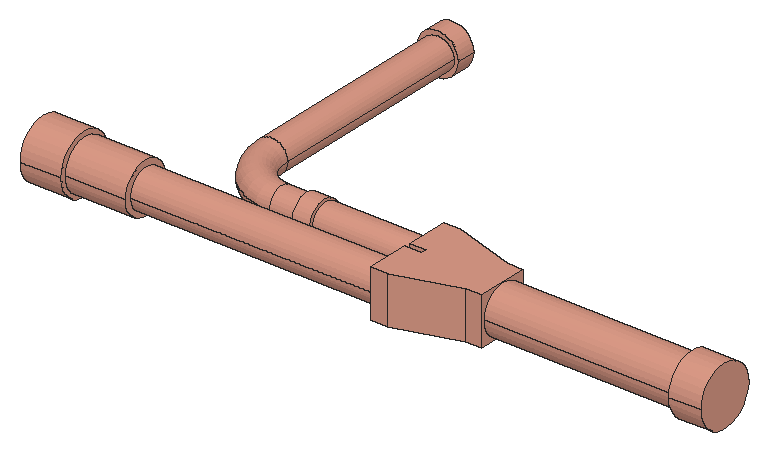
Revit family "outputfile", category 配管付属品, Revit 2024
Family settings
  丸型コネクタ寸法 = 半径を使用
  パーツ タイプ = 標準
  OmniClass 番号 = 23.65.55.00
  OmniClass タイトル = Distribution of Supplied Liquids/Gases
  作業面ベース = いいえ
  常に垂直 = はい
  ロード時にボイドで切り取り = いいえ
  共有 = いいえ
Parameters (values of type "BHFP26R168_(1)")
  Description = ""
  製造元 = "Daikin"
  書き出し IFC クラス(タイプ) = "IfcPipeFittingType"
  Default Elevation = 0.0 mm
  定義済み IFC タイプ(タイプ) = "JUNCTION"
  Cost = 0
  モデル = "BHFP26R168_(1)"
  Type Comments = ""
  Keynote = ""
  Type Image = (empty or 0)
  Assembly Code = ""
  table_PipeToCU_B [instance] = if(mm⇔inch, "Multi Module Kit_BHFP26R-_Gas_PipeToCU_B", "Multi Module Kit_BHFP26R-_Gas_PipeToCU_B_inch")  # "Multi Module Kit_BHFP26R-_Gas_PipeToCU_B"
  table_PipeToCU_A [instance] = if(mm⇔inch, "Multi Module Kit_BHFP26R-_Gas_PipeToCU_A", "Multi Module Kit_BHFP26R-_Gas_PipeToCU_A_inch")  # "Multi Module Kit_BHFP26R-_Gas_PipeToCU_A"
  table_ToMainPipe [instance] = if(mm⇔inch, "Multi Module Kit_BHFP26R-_Gas_ToMainPipe", "Multi Module Kit_BHFP26R-_Gas_ToMainPipe_inch")  # "Multi Module Kit_BHFP26R-_Gas_ToMainPipe"
  switch_PipeToCU_B Reducer [instance] = if(and(Is_PipeToCU_B Reducer = 1, judge_IsOffsetPipe_ToOutdoorUnitB = 0), 1 = 1, 1 = 0)  # no
  switch_PipeToCU_B4 [instance] = if(number_PipeToCU_B < 4, 1 = 0, 1 = 1)  # no
  switch_PipeToCU_B3 [instance] = if(number_PipeToCU_B < 3, 1 = 0, 1 = 1)  # no
  switch_PipeToCU_B2 [instance] = if(number_PipeToCU_B < 2, 1 = 0, 1 = 1)  # yes
  switch_PipeToCU_A Reducer [instance] = if(Is_PipeToCU_A Reducer = 1, 1 = 1, 1 = 0)  # yes
  switch_ToMainPipe Reducer [instance] = if(Is_ToMainPipe Reducer = 1, 1 = 1, 1 = 0)  # no
  switch_ToMainPipe2 [instance] = if(number_ToMainPipe < 2, 1 = 0, 1 = 1)  # no
  switch_Offset Reducer(4) [instance] = if(and([judge_JointType(1or2)] = 1, Is_PipeToCU_B Reducer = 1, judge_IsOffsetPipe_ToOutdoorUnitB = 1), 1 = 1, 1 = 0)  # no
  switch_Offset Reducer(3) [instance] = if(and([judge_JointType(1or2)] = 2, Is_PipeToCU_B Reducer = 1, judge_IsOffsetPipe_ToOutdoorUnitB = 1), 1 = 1, 1 = 0)  # no
  r_PipeToCU_B_ActualDiameter [instance] = PipeToCU_B_Gas_ActualDiameter / 2  # 20.65 mm
  r_PipeToCU_A_ActualDiameter [instance] = PipeToCU_A_Gas_ActualDiameter / 2  # 14.3 mm
  r_ToMainPipe_ActualDiameter [instance] = ToMainPipe_Gas_ActualDiameter / 2  # 20.65 mm
  number_PipeToCU_B ReducerPipe [instance] = size_lookup(table_PipeToCU_B, "reducerPipeNumber", 0, モデル, judge_IsOffsetPipe_ToOutdoorUnitB, PipeToCU_B_Gas_ActualDiameter)  # 0
  number_PipeToCU_B [instance] = size_lookup(table_PipeToCU_B, "pipeNumber", 2, モデル, judge_IsOffsetPipe_ToOutdoorUnitB, PipeToCU_B_Gas_ActualDiameter)  # 2
  number_PipeToCU_A ReducerPipe [instance] = size_lookup(table_PipeToCU_A, "reducerPipeNumber", 2, モデル, PipeToCU_A_Gas_ActualDiameter)  # 1
  number_ToMainPipe [instance] = size_lookup(table_ToMainPipe, "pipeNumber", 2, モデル, ToMainPipe_Gas_ActualDiameter)  # 1
  mm⇔inch [instance] = yes
  location_PipeToCU_A ReducerCenter [instance] = size_lookup(table_PipeToCU_A, "LocationCenter", 46.5 mm, モデル)  # 58.0 mm
  l_PipeToCU_A Reducer2 [instance] = size_lookup(table_PipeToCU_A, "L_ReducerPipe2", 20.0 mm, モデル)  # 2.0 mm
  l_PipeToCU_A Reducer1 [instance] = size_lookup(table_PipeToCU_A, "L_ReducerPipe1", 36.0 mm, モデル)  # 14.0 mm
  l_PipeToCU_A Reducer0 [instance] = size_lookup(table_PipeToCU_A, "L_ReducerPipe0", 100.0 mm, モデル)  # 193.0 mm
  Unit Type = "BHFP26R-_Gas"
  Uniclass2015Version = "Products v1.31"
  Uniclass2015Title = "Copper pipe fittings"
  Uniclass2015Code = "Pr_65_52_63_18"
  URL = ""
  ToMainPipe_Gas_Status [instance] = size_lookup(table_ToMainPipe, "Information", "The connected pipe size is not available.", モデル, ToMainPipe_Gas_ActualDiameter)  # "Default connector size is used."
  ToMainPipe_Gas_ActualDiameter [instance] = 41.3 mm
  Tag No. [instance] = ""
  Series = "Multi Module kit"
  PipeToCU_B_Gas_Status [instance] = size_lookup(table_PipeToCU_B, "Information", "The connected pipe size is not available.", モデル, judge_IsOffsetPipe_ToOutdoorUnitB, PipeToCU_B_Gas_ActualDiameter)  # "Default connector size is used."
  PipeToCU_B_Gas_ActualDiameter [instance] = 41.3 mm
  PipeToCU_A_Gas_Status [instance] = size_lookup(table_PipeToCU_A, "Information", "The connected pipe size is not available.", モデル, PipeToCU_A_Gas_ActualDiameter)  # "Reducer is used at connector."
  PipeToCU_A_Gas_ActualDiameter [instance] = 28.6 mm
  Material_Piping = DAIKIN_Copper_Pipe
  Material_Insulation = DAIKIN_White_Insulation
  location_PipeToCU_B connector [instance] = size_lookup(table_PipeToCU_B, "Locationconnector", 0.0 mm, モデル, judge_IsOffsetPipe_ToOutdoorUnitB, PipeToCU_B_Gas_ActualDiameter)  # 0.0 mm
  location_PipeToCU_A connector [instance] = size_lookup(table_PipeToCU_A, "Locationconnector", 120.0 mm, モデル, PipeToCU_A_Gas_ActualDiameter)  # 146.0 mm
  l_PipeToCU_B connector [instance] = size_lookup(table_PipeToCU_B, "Length", 185.0 mm, モデル, judge_IsOffsetPipe_ToOutdoorUnitB, PipeToCU_B_Gas_ActualDiameter)  # 254.0 mm
  l_PipeToCU_B Reducer [instance] = 100.0 mm  # constant formula
  l_PipeToCU_B4 [instance] = size_lookup(table_PipeToCU_B, "L_Pipe4", 2.0 mm, モデル)  # 2.0 mm
  l_PipeToCU_B3 [instance] = size_lookup(table_PipeToCU_B, "L_Pipe3", 2.0 mm, モデル)  # 2.0 mm
  l_PipeToCU_B2 [instance] = size_lookup(table_PipeToCU_B, "L_Pipe2", 25.0 mm, モデル)  # 30.0 mm
  l_PipeToCU_B1 [instance] = size_lookup(table_PipeToCU_B, "L_Pipe1", 35.0 mm, モデル)  # 45.0 mm
  l_PipeToCU_B0 [instance] = size_lookup(table_PipeToCU_B, "L_Pipe0", 125.0 mm, モデル)  # 179.0 mm
  l_PipeToCU_A connector [instance] = size_lookup(table_PipeToCU_A, "Length", 156.0 mm, モデル, PipeToCU_A_Gas_ActualDiameter)  # 207.0 mm
  l_PipeToCU_A1 [instance] = size_lookup(table_PipeToCU_A, "L_Pipe1", 14.0 mm, モデル)  # 13.0 mm
  l_PipeToCU_A0 [instance] = size_lookup(table_PipeToCU_A, "L_Pipe0", 59.5 mm, モデル)  # 75.0 mm
  l_ToMainPipe connector [instance] = size_lookup(table_ToMainPipe, "Length", 457.0 mm, モデル, ToMainPipe_Gas_ActualDiameter)  # 164.0 mm
  l_ToMainPipe Reducer [instance] = size_lookup(table_ToMainPipe, "L_Reducer", 2.0 mm, モデル, ToMainPipe_Gas_ActualDiameter)  # 2.0 mm
  l_ToMainPipe2 [instance] = size_lookup(table_ToMainPipe, "L_Pipe2", 20.0 mm, モデル)  # 2.0 mm
  l_ToMainPipe1 [instance] = size_lookup(table_ToMainPipe, "L_Pipe1", 40.0 mm, モデル)  # 24.0 mm
  l_ToMainPipe0 [instance] = size_lookup(table_ToMainPipe, "L_Pipe0", 397.0 mm, モデル)  # 140.0 mm
  judge_IsOffsetPipe_ToOutdoorUnitB [instance] = if(OffsetPipe_ToNextCU, 1, 0)  # 0
  judge_JointType(1or2) = 1
  count_PipeToCU_B Reducer [instance] = size_lookup(table_PipeToCU_B, "reducerCount", 0, モデル, judge_IsOffsetPipe_ToOutdoorUnitB, PipeToCU_B_Gas_ActualDiameter)  # 0
  count_PipeToCU_A Reducer [instance] = size_lookup(table_PipeToCU_A, "reducerCount", 1, モデル, PipeToCU_A_Gas_ActualDiameter)  # 1
  angle_PipeToCU_A Pipe [instance] = if(RotateBranchPipetoCU_A_90°, 90.00°, 0.00°)  # 0.00°
  angle_PipeToCU_A Connector [instance] = angle_PipeToCU_A Pipe + 90.00°  # 90.00°
  PipeToCU_B_Gas_AvailableDiameter [instance] = size_lookup(table_PipeToCU_B, "sizeVariation", "", モデル, judge_IsOffsetPipe_ToOutdoorUnitB)  # "34.9/41.3mm"
  PipeToCU_A_Gas_AvailableDiameter [instance] = size_lookup(table_PipeToCU_A, "sizeVariation", "", モデル)  # "28.6mm"
  ToMainPipe_Gas_AvailableDiameter [instance] = size_lookup(table_ToMainPipe, "sizeVariation", "", モデル)  # "41.3mm"
  RotateBranchPipetoCU_A_90° [instance] = no
  OffsetPipe_ToNextCU [instance] = no
  O.D_ToMainPipe Reducer [instance] = size_lookup(table_ToMainPipe, "O.D_reducer", 2.0 mm, モデル, ToMainPipe_Gas_ActualDiameter)  # 2.0 mm
  Link_Nested Family [instance] = ""
  Is_PipeToCU_B Reducer [instance] = size_lookup(table_PipeToCU_B, "IsReducer", 0, モデル, judge_IsOffsetPipe_ToOutdoorUnitB, PipeToCU_B_Gas_ActualDiameter)  # 0
  Is_PipeToCU_A Reducer [instance] = size_lookup(table_PipeToCU_A, "IsReducer", 1, モデル, PipeToCU_A_Gas_ActualDiameter)  # 1
  Is_ToMainPipe Reducer [instance] = size_lookup(table_ToMainPipe, "IsReducer", 0, モデル, ToMainPipe_Gas_ActualDiameter)  # 0
  IfcVersion = ""
  IfcExportType = "JUNCTION"
  IfcExportAs = "IfcPipeFittingType"
  Attach_Insulation [instance] = no
  I.D_PipeToCU_B4 [instance] = size_lookup(table_PipeToCU_B, "I.D_PipeSize4", 2.0 mm, モデル)  # 2.0 mm
  I.D_PipeToCU_B3 [instance] = size_lookup(table_PipeToCU_B, "I.D_PipeSize3", 2.0 mm, モデル)  # 2.0 mm
  I.D_PipeToCU_B2 [instance] = size_lookup(table_PipeToCU_B, "I.D_PipeSize2", 34.9 mm, モデル)  # 41.3 mm
  I.D_PipeToCU_B1 [instance] = size_lookup(table_PipeToCU_B, "I.D_PipeSize1", 28.6 mm, モデル)  # 34.9 mm
  I.D_PipeToCU_B0 [instance] = size_lookup(table_PipeToCU_B, "I.D_PipeSize0", 22.2 mm, モデル)  # 26.6 mm
  I.D_PipeToCU_A1 [instance] = 25.4 mm  # constant formula
  I.D_PipeToCU_A0 [instance] = 22.2 mm  # constant formula
  I.D_ToMainPipe Reducer [instance] = size_lookup(table_ToMainPipe, "I.D_reducer", 2.0 mm, モデル, ToMainPipe_Gas_ActualDiameter)  # 2.0 mm
  I.D_ToMainPipe2 [instance] = size_lookup(table_ToMainPipe, "I.D_PipeSize2", 41.3 mm, モデル)  # 2.0 mm
  I.D_ToMainPipe1 [instance] = size_lookup(table_ToMainPipe, "I.D_PipeSize1", 34.9 mm, モデル)  # 41.3 mm
  I.D_ToMainPipe0 [instance] = size_lookup(table_ToMainPipe, "I.D_PipeSize0", 27.1 mm, モデル)  # 32.9 mm
Reference planes
  plane 1 "Center (Front/Back)": y = 0
  plane 2: z = 0
  plane 3 "Center (Left/Right)": x = 225.65
  plane 4: x = 223.65
  plane 5: x = 199.65
  plane 6: x = 59.65
  plane 7: x = -10.35
  plane 8: x = -98.35
  plane 9: x = -189.35
  plane 10: x = -234.35
  plane 11: x = -264.35
  plane 12: x = -266.35
  plane 13: x = -268.35
  plane 14 "offset_center": y = 17.5
  plane 15: y = -17.491
  plane 16: x = -85.35
  plane 17: x = 101.25
  plane 18 "ToMainPipe_connector": x = 223.65
  plane 19 "connector_OutdoorunitA": x = -156.35
  plane 20 "connectorLocation_TooutdoorUnitB": y = -17.491
  plane 21 "connector_ToOutdoorUnitB": x = -264.35
Forms (mm)
  Extrusion 1, solid, material "DAIKIN_Copper_Pipe" <- "Material_Piping"
    sketch origin (0, 0, 0) x (1, 0, 0) y (0, 1, 0)
      loop
        line (-10.35, 1.998) -> (1.65, 1.998) -> (1.65, -1.998) -> (-10.35, -1.998) -> (-10.35, -33.29) -> (1.65, -33.29) -> (47.65, -19.109) -> (59.65, -19.109) -> (59.65, 18.821) -> (47.65, 18.821) -> (1.65, 33.29) -> (-10.35, 33.29) -> (-10.35, 1.998)
    from -17.5 to 17.5
Dimensions and locks
  locked: Extrusion 1 sketch curve to Extrusion 1 sketch curve at 37.93
  locked: Extrusion 1 sketch curve to Extrusion 1 sketch curve at 66.58
  plane 6 to plane 17 = 41.6 mm
  "l_PipeToCU_A0": plane 16 to plane 7
  "l_PipeToCU_A1": plane 8 to plane 16
  "l_PipeToCU_B0": plane 9 to plane 7
  "l_PipeToCU_B1": plane 10 to plane 9
  "l_PipeToCU_B2": plane 11 to plane 10
  "l_PipeToCU_B3": plane 12 to plane 11
  "l_PipeToCU_B4": plane 13 to plane 12
  locked: plane 7 to plane 6 at 70
  "l_ToMainPipe1": plane 5 to plane 4
  "l_ToMainPipe2": plane 4 to plane 3 "Center (Left/Right)"
  "l_ToMainPipe0": plane 6 to plane 5
  "l_ToMainPipe connector": plane 6 to plane 18 "ToMainPipe_connector"
  "location_PipeToCU_A connector": plane 19 "connector_OutdoorunitA" to plane 7
  "l_PipeToCU_B connector": plane 21 "connector_ToOutdoorUnitB" to plane 7
  "location_PipeToCU_B connector": plane 20 "connectorLocation_TooutdoorUnitB" to plane 15
  plane 14 "offset_center" to plane 1 "Center (Front/Back)" to plane 15 = 17.5 mm locked, 17.491 mm locked
  plane 10 to plane 7 = 224.0 mm
  aligned and locked: level to plane 2
  aligned and locked: plane 2 to nested 1
  aligned and locked: plane 1 "Center (Front/Back)" to nested 1
  aligned and locked: plane 3 "Center (Left/Right)" to nested 1
  aligned and locked: plane 4 to nested 1
  aligned and locked: plane 4 to nested 2
  aligned and locked: plane 5 to nested 2
  aligned and locked: plane 5 to nested 3
  aligned and locked: plane 6 to nested 3
  aligned and locked: plane 6 to Extrusion 1
  aligned and locked: Extrusion 1 to plane 7  (x2)
  aligned and locked: plane 7 to nested 4
  aligned and locked: plane 8 to nested 5
  aligned and locked: plane 16 to nested 5
  aligned and locked: nested 5 to plane 14 "offset_center"
  aligned and locked: nested 6 to plane 15
  aligned and locked: plane 7 to nested 6
  aligned and locked: plane 9 to nested 6
  aligned and locked: plane 10 to nested 7
  aligned and locked: plane 9 to nested 7
  aligned and locked: plane 11 to nested 8
  aligned and locked: plane 10 to nested 8
  aligned and locked: plane 12 to nested 9
  aligned and locked: plane 11 to nested 9
  aligned and locked: plane 13 to nested 10
  aligned and locked: plane 12 to nested 10
  aligned and locked: nested 10 to plane 15
  aligned and locked: nested 9 to plane 15
  aligned and locked: nested 8 to plane 15
  aligned and locked: nested 7 to plane 15
  aligned and locked: plane 1 "Center (Front/Back)" to nested 11
  aligned and locked: plane 17 to nested 11
  aligned and locked: plane 16 to nested 4
  aligned and locked: nested 12 to plane 14 "offset_center"
  aligned and locked: plane 8 to nested 12
  aligned and locked: nested 13 to plane 15
  aligned and locked: nested 14 to plane 15
  aligned and locked: plane 6 to nested 15
  aligned and locked: plane 1 "Center (Front/Back)" to nested 3
  aligned and locked: plane 14 "offset_center" to nested 16
  aligned and locked: nested 16 to plane 19 "connector_OutdoorunitA"
  aligned and locked: nested 17 to plane 20 "connectorLocation_TooutdoorUnitB"
  aligned and locked: nested 17 to plane 7
  aligned and locked: nested 13 to plane 10
  aligned and locked: nested 14 to plane 10
Automatic sketch dimensions
  Extrusion 1 sketch curve to plane 7 = 0.0 mm  (x2)
  Extrusion 1 sketch curve to plane 6 = 0.0 mm
  Extrusion 1 sketch curve to Extrusion 1 sketch curve = 12.0 mm  (x3)
  Extrusion 1 sketch curve to plane 1 "Center (Front/Back)" = 1.998 mm
  plane 14 "offset_center" to Extrusion 1 sketch curve = 1.321 mm
  Extrusion 1 sketch curve to plane 6 = 12.0 mm  (x2)
  Extrusion 1 sketch curve to plane 15 = 15.799 mm
  plane 1 "Center (Front/Back)" to Extrusion 1 sketch curve = 1.998 mm
Nested families
  nested 1: "daikin_Pipe" at (224.65, 0, 0), I.D_Pipe <- "I.D_ToMainPipe2", display <- "switch_ToMainPipe2", type "*"
    with length_Pipe 2.0 mm, display no, O.D_Pipe 4.0 mm, I.D_Pipe 2.0 mm
  nested 2: "daikin_Pipe" at (211.65, 0, 0), I.D_Pipe <- "I.D_ToMainPipe1", type "*"
    with length_Pipe 24.0 mm, display yes, O.D_Pipe 43.3 mm, I.D_Pipe 41.3 mm
  nested 3: "daikin_Pipe" at (129.65, 0, 0), I.D_Pipe <- "I.D_ToMainPipe0", type "*"
    with length_Pipe 140.0 mm, display yes, O.D_Pipe 34.9 mm, I.D_Pipe 32.9 mm
  nested 4: "daikin_Pipe" at (-47.85, 17.644, 0), I.D_Pipe <- "I.D_PipeToCU_A0", type "*"
    with length_Pipe 75.0 mm, display yes, O.D_Pipe 24.2 mm, I.D_Pipe 22.2 mm
  nested 5: "daikin_Pipe" at (-91.85, 17.5, 0), I.D_Pipe <- "I.D_PipeToCU_A1", type "*"
    with length_Pipe 13.0 mm, display yes, O.D_Pipe 27.4 mm, I.D_Pipe 25.4 mm
  nested 6: "daikin_Pipe" at (-99.85, -17.491, 0), I.D_Pipe <- "I.D_PipeToCU_B0", type "*"
    with length_Pipe 179.0 mm, display yes, O.D_Pipe 28.6 mm, I.D_Pipe 26.6 mm
  nested 7: "daikin_Pipe" at (-211.85, -17.491, 0), I.D_Pipe <- "I.D_PipeToCU_B1", type "*"
    with length_Pipe 45.0 mm, display yes, O.D_Pipe 36.9 mm, I.D_Pipe 34.9 mm
  nested 8: "daikin_Pipe" at (-249.35, -17.491, 0), I.D_Pipe <- "I.D_PipeToCU_B2", display <- "switch_PipeToCU_B2", type "*"
    with length_Pipe 30.0 mm, display yes, O.D_Pipe 43.3 mm, I.D_Pipe 41.3 mm
  nested 9: "daikin_Pipe" at (-265.35, -17.491, 0), display <- "switch_PipeToCU_B3", I.D_Pipe <- "I.D_PipeToCU_B3", visible <- "switch_PipeToCU_B3", type "*"
    with length_Pipe 2.0 mm, display no, O.D_Pipe 4.0 mm, I.D_Pipe 2.0 mm
  nested 10: "daikin_Pipe" at (-267.35, -17.491, 0), display <- "switch_PipeToCU_B4", I.D_Pipe <- "I.D_PipeToCU_B4", visible <- "switch_PipeToCU_B4", type "*"
    with length_Pipe 2.0 mm, display no, O.D_Pipe 4.0 mm, I.D_Pipe 2.0 mm
  nested 11: "daikin_MultiModeluKit_Insulation" at (101.25, 0, 0), display <- "Attach_Insulation", type "*"
    with h 54.2 mm, display no, I.D_Outlet PipeSize 22.2 mm
  nested 12: "daikin_Multi Module kit_Reducer90_rotate" at (-98.35, 17.5, 0), number_reducerPipe <- "number_PipeToCU_A ReducerPipe", angle_Pipe <- "angle_PipeToCU_A Pipe", l_Pipe0 <- "l_PipeToCU_A Reducer0", l_Pipe1 <- "l_PipeToCU_A Reducer1", l_Pipe2 <- "l_PipeToCU_A Reducer2", location_center <- "location_PipeToCU_A ReducerCenter", type "*"
    with number_reducerPipe 1, location_center 58.0 mm, l_Pipe2 2.0 mm, l_Pipe1 14.0 mm, l_Pipe0 193.0 mm, display_Pipe2 no, angle_Pipe 0.00°, I.D_connector 19.1 mm
  nested 13: "daikin_Multi Module kit_Reducer Offset1" at (-234.35, -17.491, 0), number_reducerPipe <- "number_PipeToCU_B ReducerPipe", visible <- "switch_Offset Reducer(3)", type "*"
    with number_reducerPipe 0, display_Pipe2 no
  nested 14: "daikin_Multi Module kit_Reducer Offset2" at (-234.35, -17.491, 0), number_reducerPipe <- "number_PipeToCU_B ReducerPipe", visible <- "switch_Offset Reducer(4)", I.D_connector <- "PipeToCU_B_Gas_ActualDiameter", type "*"
    with number_reducerPipe 0, display_Pipe2 no, I.D_connector 41.3 mm
  nested 15: "daikin_connector_rotate3" at (59.65, 0, 0) x (0, 1, 0) z (0, 0, 1), length <- "l_ToMainPipe connector", type "daikin_connector_rotate3"
    with radius 10.0 mm, length 164.0 mm, angle_vertical 90.00°, angle_horizontal 0.00°
  nested 16: "daikin_connector_rotate3" at (-156.35, 17.5, 0) x (-1, 0, 0) z (0, 0, 1), length <- "l_PipeToCU_A connector", angle_vertical <- "angle_PipeToCU_A Connector", type "daikin_connector_rotate3"
    with radius 10.0 mm, length 207.0 mm, angle_vertical 90.00°, angle_horizontal 0.00°
  nested 17: "daikin_connector_rotate3" at (-10.35, -17.491, 0) x (0, -1, 0) z (0, 0, 1), length <- "l_PipeToCU_B connector", type "daikin_connector_rotate3"
    with radius 10.0 mm, length 254.0 mm, angle_vertical 90.00°, angle_horizontal 0.00°
Connectors
  piping at (223.65, 0, 0), diameter 41.3, driven by "r_ToMainPipe_ActualDiameter"
    settings: on nested 15, index 1, connector inside diameter 609.6 mm, connector length 0.0 mm, flow factor 0, pipe flow 0.00 m³/h, pressure drop 0.0 Pa, fitting loss kfactor 0, connector angle 0.00°, fixture units 0, engagement length 0.0 mm, angle of deflection 0.00°, flow configuration 0, flow direction 1, fitting loss method 0, system type 29, joint type 0, gender type 0, connector reference index -1, connector utility 0, adjustable connector no, is connector primary yes, connector description "Multi Module kit_to Main Pipe_Gas"
  piping at (-156.35, 224.5, 0), diameter 28.6, driven by "r_PipeToCU_A_ActualDiameter"
    settings: on nested 16, index 2, connector inside diameter 609.6 mm, connector length 0.0 mm, flow factor 0, pipe flow 0.00 m³/h, pressure drop 0.0 Pa, fitting loss kfactor 0, connector angle 0.00°, fixture units 0, engagement length 0.0 mm, angle of deflection 0.00°, flow configuration 0, flow direction 2, fitting loss method 0, system type 29, joint type 0, gender type 0, connector reference index -1, connector utility 0, adjustable connector no, is connector primary no, connector description "Multi Module kit_Piping to CU-A_Gas"
  piping at (-264.35, -17.491, 0), diameter 41.3, driven by "r_PipeToCU_B_ActualDiameter"
    settings: on nested 17, index 3, connector inside diameter 609.6 mm, connector length 0.0 mm, flow factor 0, pipe flow 0.00 m³/h, pressure drop 0.0 Pa, fitting loss kfactor 0, connector angle 0.00°, fixture units 0, engagement length 0.0 mm, angle of deflection 0.00°, flow configuration 0, flow direction 2, fitting loss method 0, system type 29, joint type 0, gender type 0, connector reference index -1, connector utility 0, adjustable connector no, is connector primary no, connector description "Multi Module kit_Piping to CU-B_Gas"
Definition of nested family "daikin_Pipe"
  Parameters (values of type "*")
    Default Elevation = 0.0 mm
    material = none
    length_Pipe [instance] = 150.0 mm
    display [instance] = yes
    O.D_Pipe [instance] = I.D_Pipe + 2.0 mm  # 27.0 mm
    I.D_Pipe [instance] = 25.0 mm
  Reference planes
    plane 1 "Center (Front/Back)": y = 0
    plane 2 "center(vertical)": z = 0
    plane 3 "Center (Left/Right)": x = 0
    plane 4 "left": x = -75
    plane 5 "right": x = 75
  Forms (mm)
    Extrusion 1, solid, material <- "material", visible <- "display"
      sketch origin (0, 0, 0) x (0, 1, 0) y (0, 0, 1)
        loop
          circle (0, 0) r 13.5
      from -75 to 75
  Dimensions and locks
    equal spacing: plane 4 "left", plane 3 "Center (Left/Right)", plane 5 "right"
    "length_Pipe": plane 4 "left" to plane 5 "right"
    "O.D_Pipe": diameter of Extrusion 1 sketch curve
    aligned and locked: level to plane 2 "center(vertical)"
    aligned and locked: plane 2 "center(vertical)" to Extrusion 1 sketch curve
    aligned and locked: plane 1 "Center (Front/Back)" to Extrusion 1 sketch curve
    aligned and locked: plane 5 "right" to Extrusion 1
    aligned and locked: Extrusion 1 to plane 4 "left"
Definition of nested family "daikin_Multi Module kit_Reducer90_rotate"
  Parameters (values of type "*")
    Default Elevation = 0.0 mm
    number_reducerPipe [instance] = 4
    material_Pipe = none
    location_center [instance] = 46.5 mm
    l_Pipe2 [instance] = 20.0 mm
    l_Pipe1 [instance] = 36.0 mm
    l_Pipe0 [instance] = 100.0 mm
    display_Pipe2 [instance] = if(number_reducerPipe < 2, 1 = 0, 1 = 1)  # yes
    angle_Pipe [instance] = 30.00°
    I.D_connector [instance] = 34.9 mm
  Reference planes
    plane 1 "Center (Front/Back)": y = 0
    plane 2: z = 0
    plane 3 "Center (Left/Right)": x = 0
  Dimensions and locks
    "angle_Pipe": angle plane 2 to nested 1
    aligned and locked: level to plane 2
  Nested families
    nested 1: "daikin_Multi Module kit_Reducer90" at (0, 0, 0) x (1, 0, 0) z (0, -0.5, 0.866), display_Pipe2 <- "display_Pipe2", I.D_connector <- "I.D_connector", l_Pipe0 <- "l_Pipe0", l_Pipe1 <- "l_Pipe1", l_Pipe2 <- "l_Pipe2", location_center <- "location_center", type "*"
      with display_Pipe2 yes, I.D_connector 34.9 mm
  Definition of nested family "daikin_Multi Module kit_Reducer90"
    Parameters (values of type "*")
      Default Elevation = 0.0 mm
      material_Pipe = none
      location_center [instance] = 46.5 mm
      l_Pipe2 [instance] = 20.0 mm
      l_Pipe1 [instance] = 36.0 mm
      l_Pipe0 [instance] = 100.0 mm
      display_Pipe2 [instance] = yes
      O.D_Pipe2 = 34.9 mm  # constant formula
      O.D_Pipe1 = 28.6 mm + 2.0 mm  # 30.6 mm
      O.D_Pipe0 = 23.8 mm  # constant formula
      I.D_connector [instance] = 0.0 mm
    Reference planes
      plane 1 "Center (Front/Back)": y = 0
      plane 2 "center_vertical": z = 0
      plane 3 "Center (Left/Right)": x = 0
      plane 4 "center_toOutdoor": x = -46.5
      plane 5: y = 100
      plane 6: y = 136
      plane 7: y = 156
    Forms (mm)
      Sweep 1, solid, material <- "material_Pipe"
        path origin (0, 0, 0) x (1, 0, 0) y (0, 1, 0)
          loop
            line (0, 0) -> (-18.241, 0)
            arc (-18.241, 0) -> (-38.223, 8.277) -> (-46.5, 28.259) r 28.259
            line (-46.5, 28.259) -> (-46.5, 100)
        profile origin (-9.12, 0, 0) x (0, -1, 0) y (0, 0, 1)
          loop
            circle (0, 0) r 11.9
      Extrusion 2, solid, material <- "material_Pipe"
        sketch origin (0, 0, 0) x (1, 0, 0) y (0, 0, 1)
          loop
            circle (-46.5, 0) r 15.3
        from -136 to -100
      Extrusion 3, solid, material <- "material_Pipe", visible <- "display_Pipe2"
        sketch origin (75, -2.05, 0) x (1, 0, 0) y (0, 0, 1)
          loop
            circle (-121.5, 0) r 17.45
        from -158.05 to -138.05
    Lines and regions (mm)
      reference lines
        curve 1: line (0, 0, 0) -> (-46.5, 0, 0)
    Dimensions and locks
      "l_Pipe0": plane 1 "Center (Front/Back)" to plane 5
      "l_Pipe1": plane 6 to plane 5
      "l_Pipe2": plane 7 to plane 6
      "location_center": plane 4 "center_toOutdoor" to plane 3 "Center (Left/Right)"
      "O.D_Pipe2": diameter of Extrusion 3 sketch curve
      "O.D_Pipe0": diameter of Sweep 1 sketch curve
      "O.D_Pipe1": diameter of Extrusion 2 sketch curve
      aligned and locked: level to plane 2 "center_vertical"
      aligned and locked: plane 6 to Extrusion 2
      aligned and locked: Extrusion 2 to plane 5
      aligned and locked: Extrusion 3 to plane 6
      aligned and locked: Sweep 1 sketch curve to plane 1 "Center (Front/Back)"
      aligned and locked: plane 3 "Center (Left/Right)" to curve 1
      aligned and locked: curve 1 to plane 1 "Center (Front/Back)"
      aligned and locked: plane 7 to Extrusion 3
    Automatic sketch dimensions
      Sweep 1 sketch curve to plane 4 "center_toOutdoor" = 0.0 mm
      Sweep 1 sketch curve to plane 3 "Center (Left/Right)" = 0.0 mm
      Sweep 1 sketch curve to plane 5 = 0.0 mm
      Sweep 1 sketch curve to plane 3 "Center (Left/Right)" = 18.241 mm
      curve 1 to plane 4 "center_toOutdoor" = 0.0 mm
      Sweep 1 sketch curve to level = 0.0 mm
      Sweep 1 sketch curve to profile plane = 0.0 mm
      Extrusion 2 sketch curve to level = 0.0 mm
      Extrusion 2 sketch curve to plane 4 "center_toOutdoor" = 0.0 mm
      Extrusion 3 sketch curve to level = 0.0 mm
      Extrusion 3 sketch curve to plane 4 "center_toOutdoor" = 0.0 mm
Definition of nested family "daikin_Multi Module kit_Reducer Offset1"
  Parameters (values of type "*")
    Default Elevation = 0.0 mm
    number_reducerPipe [instance] = 4
    material = none
    display_Pipe2 [instance] = if(number_reducerPipe < 2, 1 = 0, 1 = 1)  # yes
    O.D_Pipe2 = 34.9 mm + 2.0 mm  # 36.9 mm
    O.D_Pipe1 = 28.6 mm + 2.0 mm  # 30.6 mm
    O.D_Pipe0 = 28.6 mm  # constant formula
  Reference planes
    plane 1 "Center (Front/Back)": y = 0
    plane 2: z = 0
    plane 3 "Center (Left/Right)": x = 0
    plane 4: y = -35
    plane 5: x = -252
    plane 6: x = -300
    plane 7: x = -310
  Forms (mm)
    Extrusion 1, solid, material <- "material"
      sketch origin (-56.734, 401.522, 0) x (0, 1, 0) y (0, 0, 1)
        loop
          circle (-436.522, 0) r 15.3
      from -243.266 to -195.266
    Sweep 2, solid, material <- "material"
      path origin (0, 0, 0) x (1, 0, 0) y (0, 1, 0)
        loop
          line (0, 0) -> (-49.684, 0)
          arc (-49.684, 0) -> (-59.87, -1.319) -> (-69.384, -5.188) r 40
          line (-69.384, -5.188) -> (-112.9, -29.812)
          arc (-112.9, -29.812) -> (-122.414, -33.681) -> (-132.6, -35) r 40
          line (-132.6, -35) -> (-252, -35)
      profile origin (-24.842, 0, 0) x (0, -1, 0) y (0, 0, 1)
        loop
          circle (0, 0) r 14.3
    Extrusion 3, solid, material <- "material", visible <- "display_Pipe2"
      sketch origin (-94.334, 366.344, 0) x (0, 1, 0) y (0, 0, 1)
        loop
          circle (-401.344, 0) r 18.45
      from -215.666 to -205.666
  Dimensions and locks
    locked: plane 4 to plane 1 "Center (Front/Back)" at 35
    locked: plane 6 to plane 5 at 48
    locked: plane 7 to plane 6 at 10
    plane 5 to plane 3 "Center (Left/Right)" = 252.0 mm
    locked: Sweep 2 sketch curve to plane 3 "Center (Left/Right)" at 49.684
    plane 7 to plane 3 "Center (Left/Right)" = 310.0 mm
    "O.D_Pipe1": diameter of Extrusion 1 sketch curve
    "O.D_Pipe0": diameter of Sweep 2 sketch curve
    "O.D_Pipe2": diameter of Extrusion 3 sketch curve
    aligned and locked: level to plane 2
    aligned and locked: plane 5 to Sweep 2 sketch curve
    aligned and locked: plane 3 "Center (Left/Right)" to Sweep 2 sketch curve
    aligned and locked: plane 2 to Sweep 2 sketch curve
    aligned and locked: plane 1 "Center (Front/Back)" to Sweep 2 sketch curve
    aligned and locked: plane 5 to Extrusion 1
    aligned and locked: Extrusion 1 to plane 6
    aligned and locked: plane 4 to Extrusion 1 sketch curve
    aligned and locked: plane 2 to Extrusion 1 sketch curve
    aligned and locked: plane 4 to Extrusion 3 sketch curve
    aligned and locked: plane 2 to Extrusion 3 sketch curve
    aligned and locked: plane 6 to Extrusion 3
    aligned and locked: Extrusion 3 to plane 7
  Automatic sketch dimensions
    Sweep 2 sketch curve to plane 4 = 0.0 mm
    plane 1 "Center (Front/Back)" to Sweep 2 sketch curve = 0.0 mm
    Sweep 2 sketch curve to plane 1 "Center (Front/Back)" = 5.0 mm
    plane 4 to Sweep 2 sketch curve = 5.188 mm
    plane 1 "Center (Front/Back)" to Sweep 2 sketch curve = 5.188 mm
    Sweep 2 sketch curve to Sweep 2 sketch curve = 43.516 mm
    Sweep 2 sketch curve to plane 4 = 5.0 mm
Definition of nested family "daikin_Multi Module kit_Reducer Offset2"
  Parameters (values of type "*")
    Default Elevation = 0.0 mm
    number_reducerPipe [instance] = 2
    material = none
    display_Pipe2 [instance] = if(number_reducerPipe < 2, 1 = 0, 1 = 1)  # yes
    O.D_Pipe2 = 41.3 mm + 2.0 mm  # 43.3 mm
    O.D_Pipe1 = 34.9 mm + 2.0 mm  # 36.9 mm
    O.D_Pipe0 = 34.9 mm  # constant formula
    I.D_connector [instance] = 0.0 mm
  Reference planes
    plane 1 "Center (Front/Back)": y = 0
    plane 2: z = 0
    plane 3 "Center (Left/Right)": x = 0
    plane 4: y = -17.5
    plane 5: x = -242
    plane 6: x = -278
    plane 7: x = -305
  Forms (mm)
    Extrusion 1, solid, material <- "material"
      sketch origin (-56.734, 401.522, 0) x (0, 1, 0) y (0, 0, 1)
        loop
          circle (-419.022, 0) r 18.45
      from -221.266 to -185.266
    Sweep 2, solid, material <- "material"
      path origin (0, 0, 0) x (1, 0, 0) y (0, 1, 0)
        loop
          line (0, 0) -> (-69.833, 0)
          arc (-69.833, 0) -> (-78.931, -0.596) -> (-87.873, -2.375) r 69.7
          line (-87.873, -2.375) -> (-136.432, -15.192)
          arc (-136.432, -15.192) -> (-145.252, -16.921) -> (-154.22, -17.5) r 69.7
          line (-154.22, -17.5) -> (-242, -17.5)
      profile origin (-34.916, 0, 0) x (0, -1, 0) y (0, 0, 1)
        loop
          circle (0, 0) r 17.45
    Extrusion 3, solid, material <- "material", visible <- "display_Pipe2"
      sketch origin (-94.334, 366.344, 0) x (0, 1, 0) y (0, 0, 1)
        loop
          circle (-383.844, 0) r 21.65
      from -210.666 to -183.666
  Dimensions and locks
    plane 4 to plane 1 "Center (Front/Back)" = 17.5 mm
    locked: plane 6 to plane 5 at 36
    locked: plane 7 to plane 6 at 27
    plane 7 to plane 3 "Center (Left/Right)" = 305.0 mm
    locked: Sweep 2 sketch curve to plane 3 "Center (Left/Right)" at 69.833
    locked: plane 5 to plane 3 "Center (Left/Right)" at 242
    Sweep 2 sketch curve to Sweep 2 sketch curve = 50.223 mm
    "O.D_Pipe1": diameter of Extrusion 1 sketch curve
    "O.D_Pipe0": diameter of Sweep 2 sketch curve
    "O.D_Pipe2": diameter of Extrusion 3 sketch curve
    angle Sweep 2 sketch curve to Sweep 2 sketch curve = 14.7857°
    locked: Sweep 2 sketch curve to Sweep 2 sketch curve (angle 15.00°)
    aligned and locked: level to plane 2
    aligned and locked: plane 5 to Sweep 2 sketch curve
    aligned and locked: plane 3 "Center (Left/Right)" to Sweep 2 sketch curve
    aligned and locked: plane 2 to Sweep 2 sketch curve
    aligned and locked: plane 1 "Center (Front/Back)" to Sweep 2 sketch curve
    aligned and locked: plane 5 to Extrusion 1
    aligned and locked: Extrusion 1 to plane 6
    aligned and locked: plane 4 to Extrusion 1 sketch curve
    aligned and locked: plane 2 to Extrusion 1 sketch curve
    aligned and locked: plane 4 to Extrusion 3 sketch curve
    aligned and locked: plane 2 to Extrusion 3 sketch curve
    aligned and locked: plane 6 to Extrusion 3
    aligned and locked: Extrusion 3 to plane 7
    aligned and locked: nested 1 to plane 6
    aligned and locked: plane 4 to nested 1
    aligned and locked: plane 2 to nested 2
    aligned and locked: plane 2 to nested 1
    aligned and locked: nested 2 to plane 6
    aligned and locked: plane 4 to nested 2
    aligned and locked: plane 4 to Sweep 2 sketch curve
  Automatic sketch dimensions
    plane 1 "Center (Front/Back)" to Sweep 2 sketch curve = 0.0 mm
    plane 1 "Center (Front/Back)" to Sweep 2 sketch curve = 2.375 mm
    plane 4 to Sweep 2 sketch curve = 2.308 mm
  Nested families
    nested 1: "daikin_Pipe_reducer" at (-312.75, -17.5, 0) x (-1, 0, 0) z (0, 0, 1), type "*"
      with length_Pipe 69.5 mm, display no, O.D_Pipe2 31.8 mm, O.D_Pipe1 36.9 mm, I.D_Pipe2 29.8 mm, I.D_Pipe1 34.9 mm
    nested 2: "daikin_Pipe_reducer" at (-302.75, -17.5, 0) x (-1, 0, 0) z (0, 0, 1), type "*"
      with length_Pipe 49.5 mm, display no, O.D_Pipe2 31.8 mm, O.D_Pipe1 43.3 mm, I.D_Pipe2 29.8 mm, I.D_Pipe1 41.3 mm
  Definition of nested family "daikin_Pipe_reducer"
    Parameters (values of type "*")
      Default Elevation = 0.0 mm
      material = none
      length_Pipe [instance] = 250.0 mm
      display [instance] = yes
      O.D_Pipe2 [instance] = 19.1 mm
      O.D_Pipe1 [instance] = I.D_Pipe1 + 2.0 mm  # 24.2 mm
      I.D_Pipe2 [instance] = O.D_Pipe2 - 2.0 mm  # 17.1 mm
      I.D_Pipe1 [instance] = 22.2 mm
    Reference planes
      plane 1 "Center (Front/Back)": y = 0
      plane 2 "center(vertical)": z = 0
      plane 3 "Center (Left/Right)": x = 0
      plane 4 "connection": x = -125
      plane 5 "right": x = 113
      plane 6: x = 125
    Forms (mm)
      Extrusion 1, solid, material <- "material", visible <- "display"
        sketch origin (0, 0, 0) x (0, 1, 0) y (0, 0, 1)
          loop
            circle (0, 0) r 9.55
        from -125 to 113
      Extrusion 2, solid, material <- "material", visible <- "display"
        sketch origin (0, 0, 0) x (0, 1, 0) y (0, 0, 1)
          loop
            circle (0, 0) r 12.1
        from 113 to 125
    Dimensions and locks
      locked: plane 5 "right" to plane 6 at 12
      "length_Pipe": plane 4 "connection" to plane 6
      equal spacing: plane 4 "connection", plane 3 "Center (Left/Right)", plane 6
      "O.D_Pipe2": diameter of Extrusion 1 sketch curve
      "O.D_Pipe1": diameter of Extrusion 2 sketch curve
      aligned and locked: level to plane 2 "center(vertical)"
      aligned and locked: plane 2 "center(vertical)" to Extrusion 1 sketch curve
      aligned and locked: plane 1 "Center (Front/Back)" to Extrusion 1 sketch curve
      aligned and locked: plane 5 "right" to Extrusion 1
      aligned and locked: Extrusion 1 to plane 4 "connection"
      aligned and locked: plane 2 "center(vertical)" to Extrusion 2 sketch curve
      aligned and locked: plane 1 "Center (Front/Back)" to Extrusion 2 sketch curve
      aligned and locked: Extrusion 2 to plane 5 "right"
      aligned and locked: plane 6 to Extrusion 2
Definition of nested family "daikin_MultiModeluKit_Insulation"
  Parameters (values of type "*")
    Default Elevation = 0.0 mm
    Model = ""
    material = none
    h [instance] = (I.D_Outlet PipeSize + 2.0 mm) + 30.0 mm  # 47.0 mm
    display [instance] = yes
    I.D_Outlet PipeSize [instance] = 15.0 mm
  Reference planes
    plane 1 "Center (Front/Back)": y = 0
    plane 2: z = 0
    plane 3 "Left": x = 0
    plane 4 "top": z = 23.5
    plane 5 "bottom": z = -23.5
  Forms (mm)
    Extrusion 1, solid, material <- "material", visible <- "display"
      sketch origin (0, 0, 0) x (1, 0, 0) y (0, 1, 0)
        loop
          line (0, -27.7) -> (0, 27.7) -> (-101.24, 40.131) -> (-170, 40.131) -> (-170, 6.369) -> (-266.24, 6.369) -> (-266.24, -40.131) -> (-101.24, -40.131) -> (0, -27.7)
      from -23.5 to 23.5
  Dimensions and locks
    equal spacing: plane 4 "top", plane 2, plane 5 "bottom"
    "h": plane 4 "top" to plane 5 "bottom"
    Extrusion 1 sketch curve to plane 3 "Left" = 101.24 mm
    aligned and locked: level to plane 2
    aligned and locked: plane 3 "Left" to Extrusion 1
    aligned and locked: Extrusion 1 to plane 5 "bottom"
    aligned and locked: plane 4 "top" to Extrusion 1
  Automatic sketch dimensions
    Extrusion 1 sketch curve to plane 3 "Left" = 0.0 mm
    plane 1 "Center (Front/Back)" to Extrusion 1 sketch curve = 40.131 mm
    Extrusion 1 sketch curve to Extrusion 1 sketch curve = 0.0 mm
    Extrusion 1 sketch curve to Extrusion 1 sketch curve = 68.76 mm
    Extrusion 1 sketch curve to plane 1 "Center (Front/Back)" = 6.369 mm
    Extrusion 1 sketch curve to Extrusion 1 sketch curve = 96.24 mm
    plane 1 "Center (Front/Back)" to Extrusion 1 sketch curve = 27.7 mm
    Extrusion 1 sketch curve to plane 1 "Center (Front/Back)" = 27.7 mm
    Extrusion 1 sketch curve to Extrusion 1 sketch curve = 33.761 mm
Definition of nested family "daikin_connector_rotate3"
  Parameters (values of type "daikin_connector_rotate3")
    Default Elevation = 1219.2 mm
    show_face = no
    show_circle = no
    radius [instance] = 10.0 mm
    length [instance] = 600.0 mm
    angle_horizontal [instance] = 60.00°
    angle_vertical [instance] = 90.00°
  Reference planes
    plane 1 "Center (Front/Back)": y = 0
    plane 2: z = 0
    plane 3 "Center (Left/Right)": x = 0
  Dimensions and locks
    "angle_horizontal": angle plane 3 "Center (Left/Right)" to nested 1
    aligned and locked: level to plane 2
    aligned and locked: plane 1 "Center (Front/Back)" to nested 1  (x2)
    aligned and locked: plane 3 "Center (Left/Right)" to nested 1
  Nested families
    nested 1: "daikin_connector_rotate2" at (0, 0, 0) x (0.5, 0.866, 0) z (0, 0, 1), angle_vertical <- "angle_vertical", length <- "length", radius <- "radius", type "daikin_connector_rotate2"
      with radius 10.0 mm, length 600.0 mm, angle_vertical 90.00°, Default Elevation 0.0 mm, show_circle no
  Definition of nested family "daikin_connector_rotate2"
    Parameters (values of type "daikin_connector_rotate2")
      Default Elevation = 1219.2 mm
      show_face = no
      show_circle = yes
      radius [instance] = 10.0 mm
      length [instance] = 600.0 mm
      d_surface = 10.0 mm
      angle_vertical [instance] = 90.00°
    Reference planes
      plane 1 "Center (Front/Back)": y = 0
      plane 2: z = 0
      plane 3 "Center (Left/Right)": x = 0
    Forms (mm)
      Extrusion 1, solid, visible <- "show_face"
        sketch origin (0, -600, 0) x (1, 0, 0) y (0, 0, 1)
          loop
            circle (0, 0) r 10
        from 0 to -10
    Lines and regions (mm)
      reference lines
        curve 1: line (0, 0, 0) -> (0, -600, 0)
      symbolic lines, visible <- "show_circle"
        curve 2: circle (0, 0, 0) r 5 normal (0, 0, 1)
      model lines, visible <- "show_face"
        curve 3: line (0, 0, 0) -> (0, -600, 0)
    Dimensions and locks
      "length": curve 1 to curve 1
      "length": curve 3 to curve 3
      "d_surface": Extrusion 1 to Extrusion 1
      "radius": radius of Extrusion 1 sketch curve
      "angle_vertical": angle curve 1 to plane 1 "Center (Front/Back)"
      "angle_vertical": angle curve 3 to plane 1 "Center (Front/Back)"
      aligned and locked: level to plane 2
      aligned and locked: plane 1 "Center (Front/Back)" to curve 1
      aligned and locked: plane 2 to curve 1
      aligned and locked: plane 1 "Center (Front/Back)" to curve 2
      aligned and locked: plane 3 "Center (Left/Right)" to curve 2
      aligned and locked: plane 1 "Center (Front/Back)" to curve 3
      aligned and locked: plane 2 to curve 3
      aligned and locked: Extrusion 1 to Extrusion 1
    Automatic sketch dimensions
      Extrusion 1 sketch curve to level = 0.0 mm
      Extrusion 1 sketch curve to plane 3 "Center (Left/Right)" = 0.0 mm
      radius of curve 2 = 5.0 mm
